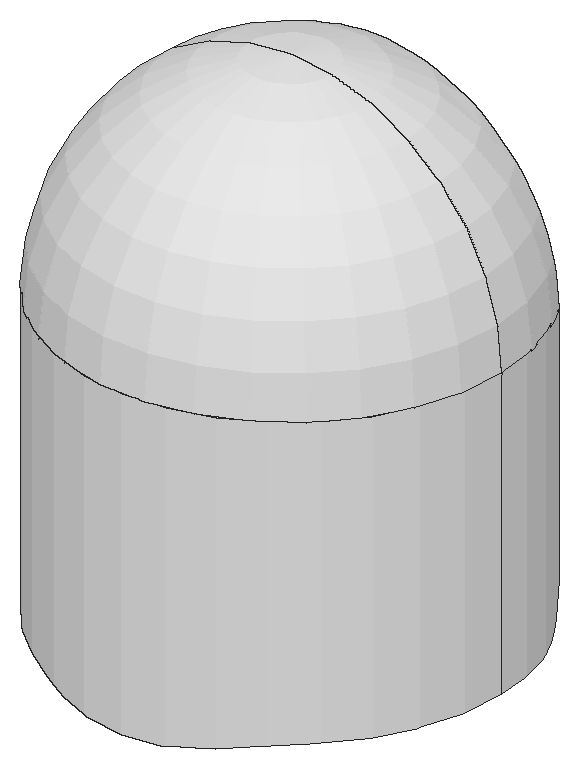
Revit family "DAHD0067_REVIT", category Generic Models, Revit 2017
Family settings
  Can host rebar = No
  Round Connector Dimension = Use Diameter
  Part Type = Normal
  Work Plane-Based = No
  Always vertical = Yes
  Cut with Voids When Loaded = No
  Shared = No
  Room Calculation Point = No
Parameters
  Website = "https://dolphy.in/"  # constant formula
  Contact number = "+91 9520202035"  # constant formula
  Contact email = "info@dolphy.in"  # constant formula
  Company name = "Dolphy India"  # constant formula
Reference planes
  plane 1 "Center (Front/Back)": y = 0
  plane 2: z = 0
  plane 3 "Center (Left/Right)": x = 0
Forms (mm)
  Revolve 1, solid, material "WHITE"
    sketch origin (0, -58.5, 0) x (1, 0, 0) y (0, 0, 1)
      loop
        line (0, 0) -> (116.5, 0) -> (116.5, 168.5)
        arc (116.5, 168.5) -> (82.378, 250.878) -> (0, 285) r 116.5
        line (0, 285) -> (0, 0)
      axis (0, 285) -> (0, 0)
    angle from 0 to 360
  Extrusion 2, void
    sketch origin (0, -58.5, 0) x (0, 1, 0) y (0, 0, 1)
      loop
        line (58.5, 285) -> (58.5, 35)
        arc (58.5, 35) -> (51.178, 17.322) -> (33.5, 10) r 25
        line (33.5, 10) -> (-85.64, 10)
        arc (-85.64, 10) -> (-100.819, 7.752) -> (-114.696, 1.203) r 52.382
        line (-114.696, 1.203) -> (-116.5, 0) -> (-116.5, -35) -> (173.5, -35) -> (173.5, 285) -> (58.5, 285)
    from -150.828 to 250
Cuts and joins
  Extrusion 2 cuts Revolve 1
Lines and regions (mm)
  symbolic lines
    curve 1: line (0, 0, 0) -> (-92.5, 0, 0)
    curve 2: line (0, 0, 0) -> (92.5, 0, 0)
Dimensions and locks
  aligned and locked: level to plane 2
